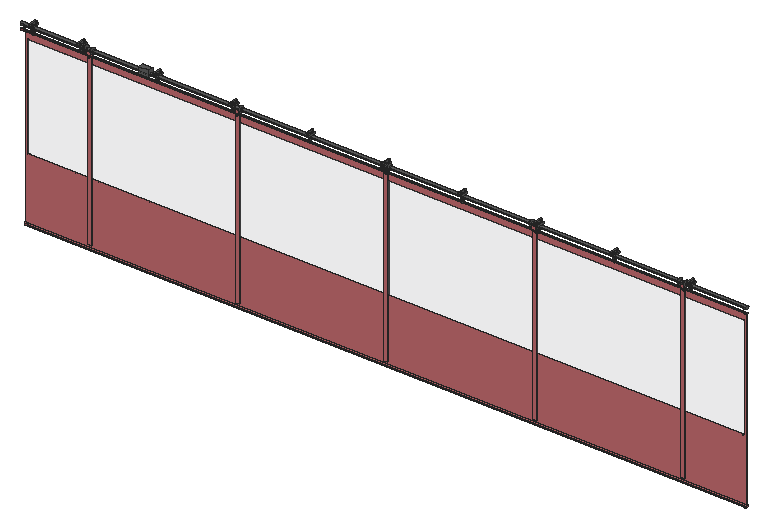
Revit family "Gymnasium-Eqpt_Divider-Curtain_IPIbybison_RollUp", category Specialty Equipment, Revit 2018
Family settings
  Round Connector Dimension = Use Diameter
  Part Type = Normal
  OmniClass Number = 23.40.50.34.17
  OmniClass Title = Gymnasium Dividers
  Always vertical = Yes
  Cut with Voids When Loaded = No
  Shared = No
  Room Calculation Point = No
Parameters (values of type "as Specified")
  solidvinylheight [instance] = if(Show not in use, 2' 0", Solid Vinyl Height)  # 8' - 0"
  rollercount [instance] = (Unit Length - (Roller Spacing from Edge * 2)) / Roller Spacing  # 5
  meshvis [instance] = not(Show not in use)  # yes
  clampcount [instance] = if(Number of Clamps < 2, 2, Number of Clamps)  # 9
  Warranty Duration (Years) = 0
  Unit Weight [instance] = 0
  Unit Length [instance] = 90' - 0"
  URL = "https://ipibybison.com/"
  Strap Length [instance] = if(Show not in use, 1' 8", Opening Height - 0' 2" - 0' 6")  # 22' - 4"
  Specification = ""
  SpecWizard = ""
  Solid Vinyl Height [instance] = 8' - 0"
  Show not in use [instance] = no
  Second Clamp Spacing [instance] = 6' - 0"
  Sales Information = "https://ipibybison.com/ArchitectsPage.php"
  Roller Spacing from Edge [instance] = 8' - 0"
  Roller Spacing [instance] = 14' - 0"
  Revision = "R1_2018-06"
  Product Properties = ""
  Product Data = "http://www.arcat.com/arcatcos/cos49/arc49571.html"
  Panel Material [instance] = Vinyl - Solid - IPI by Bison - Red
  Opening Height [instance] = 23' - 0"
  Number of Clamps [instance] = (Unit Length - (Clamp Inset from Edge * 2) - (Second Clamp Spacing * 2)) / Clamp Spacing + 1  # 9
  Motor RPM [instance] = 0
  Motor HP [instance] = 0
  Model = "IP880"
  Mesh Material [instance] = Vinyl - Mesh - IPI by Bison - Gray
  Maximum Size = "36' Height x 120' Length"
  Manufacturer Website = "https://ipibybison.com/"
  Manufacturer Phone - Toll Free = "800-637-7968"
  Manufacturer Phone = ""
  Manufacturer Fax = "800-638-0698"
  Manufacturer Address = "603 L St  Lincoln, NE 68508"
  Manufacturer = "IPI by Bison"
  Maintenance Schedule (Months) = 0
  Locate Motor [instance] = 15' - 0"
  Keynote = "11 66 53"
  Installation-Fabrication = ""
  Installation Phase = ""
  Height of Bottom of Curtain [instance] = if(Show not in use, Curtain Height - 2' 0", 0' 0")  # 0' - 0"
  Green Building-LEED = ""
  Frame Finish [instance] = Finish - IPI by Bison - Black
  Flange Width [instance] = 0' - 7"
  Expected Lifespan (Years) = 0
  Electrical_Voltage [instance] = 0 V
  Electrical_VA [instance] = 0 VA
  Electrical_Phase [instance] = 1
  Electrical_Number of Poles [instance] = 1
  Electrical_Amperage [instance] = 0 A
  Drawn By = "Sumex Design, Inc. / Robert S. Weygant, CSI, CDT, SCIP"
  Description = "IPI by Bison Motorized Roll Up Divider Curtain - IP880 as Specified"
  Curtain Height [instance] = Opening Height - 0' 2" - 0' 6 1/4"  # 22' - 3 3/4"
  Copyright = "©Arcat Inc."
  Construction Details = ""
  Clamp Spacing [instance] = 10' - 0"
  Clamp Inset from Edge [instance] = 1' - 0"
  Available Options = "as Specified"
Reference planes (in)
  plane 1 "Center (Front/Back)": y = 0
  plane 2: z = 0
  plane 3 "Center (Left/Right)": x = 0
  plane 4: z = 269.75
  plane 5: x = -540
  plane 6: x = 540
  plane 7: x = -546
  plane 8: x = -528
  plane 9: x = 528
  plane 10: z = 98
  plane 11: z = 2
  plane 12: x = -456
  plane 13: x = 456
  plane 14: x = -444
  plane 15: x = 444
  plane 16: x = 546
  plane 17: x = -360
Forms (in)
  Extrusion 1, solid, material "Finish - IPI by Bison - Black" <- "Frame Finish"
    sketch origin (0, 0, 0) x (0, 1, 0) y (0, 0, 1)
      loop
        circle (0, 269.75) r 2
      loop
        circle (0, 262.05122) r 0.8125
    from -546 to 540
  Extrusion 2, solid, material "Finish - IPI by Bison - Black" <- "Frame Finish"
    sketch origin (0, 0, 0) x (1, 0, 0) y (0, 0, 1)
      loop
        line (-353, 276) -> (-367, 276) -> (-367, 266) -> (-353, 266) -> (-353, 276)
    from -3.90461 to 3.54338
  Extrusion 3, solid, material "Vinyl - Solid - IPI by Bison - Red" <- "Panel Material", visible <- "meshvis"
    sketch origin (0, 0, 0) x (1, 0, 0) y (0, 0, 1)
      loop
        line (-540, 261.23872) -> (-540, 2) -> (540, 2) -> (540, 261.23872) -> (-540, 261.23872)
      loop
        line (536, 98) -> (536, 252.23872) -> (-536, 252.23872) -> (-536, 98) -> (536, 98)
    from 0.125 to -0.125
  Extrusion 4, solid, material "Vinyl - Mesh - IPI by Bison - Gray" <- "Mesh Material", visible <- "meshvis"
    sketch origin (0, 0, 0) x (1, 0, 0) y (0, 0, 1)
      loop
        line (536, 98) -> (536, 252.23872) -> (-536, 252.23872) -> (-536, 98) -> (536, 98)
    from 0.125 to -0.125
  Extrusion 5, solid, material "Vinyl - Solid - IPI by Bison - Red" <- "Panel Material", visible <- "meshvis"
    sketch origin (0, 0, 0) x (0, 1, 0) y (0, 0, 1)
      loop
        circle (0, 3.71604) r 1.75
    from -540 to 540
  Extrusion 6, solid, material "Vinyl - Solid - IPI by Bison - Red" <- "Panel Material", visible <- "Show not in use"
    sketch origin (0, 0, 0) x (0, 1, 0) y (0, 0, 1)
      loop
        arc (1.75, 254.46604) -> (1.27582, 255.66387) -> (0.11024, 256.21257) r 1.75
        line (0.11024, 256.21257) -> (0.11024, 259.74744) -> (-0.11784, 259.74744) -> (-0.11784, 256.21207)
        arc (-0.11784, 256.21207) -> (-1.27842, 255.66109) -> (-1.75, 254.46604) r 1.75
        arc (-1.75, 254.46604) -> (0, 252.71604) -> (1.75, 254.46604) r 1.75
    from -540 to 540
Dimensions and locks (in)
  locked: level to plane 4 at 6.25
  equal spacing: plane 6, plane 3 "Center (Left/Right)", plane 5
  "Unit Length": plane 6 to plane 5
  locked: plane 5 to plane 7 at 6
  "Clamp Inset from Edge": plane 8 to plane 5
  "Clamp Inset from Edge": plane 9 to plane 6
  locked: plane 11 to level at 2
  "Opening Height": level to level
  Extrusion 2 sketch curve to plane 4 to Extrusion 2 sketch curve = 0' - 6 1/4" locked, 0' - 3 3/4" locked
  "Second Clamp Spacing": plane 12 to plane 8
  "Second Clamp Spacing": plane 13 to plane 9
  equal spacing: group 1, group 3, group 4, group 5, group 6, group 7, group 8, group 9, group 2  (x3)
  "Roller Spacing from Edge": plane 15 to plane 6
  "Roller Spacing from Edge": plane 14 to plane 5
  equal spacing: group 10, group 12, group 13, group 14, group 11  (x3)
  locked: Extrusion 3 sketch curve to plane 5 at 4
  locked: Extrusion 3 sketch curve to plane 6 at 4
  plane 4 to Extrusion 3 sketch curve to Extrusion 3 sketch curve = 0' - 8.51128" locked, 0' - 9" locked
  locked: plane 6 to plane 16 at 6
  "Locate Motor": plane 17 to plane 5
  Extrusion 2 sketch curve to plane 17 to Extrusion 2 sketch curve = 0' - 7" locked, 0' - 7" locked
  locked: Extrusion 4 sketch curve to plane 5 at 4
  locked: plane 4 to Extrusion 4 sketch curve at 17.51128
  locked: Extrusion 4 sketch curve to plane 6 at 4
  locked: Extrusion 5 sketch curve to plane 11 at 1.71604
  plane 4 to Extrusion 6 sketch curve to Extrusion 6 sketch curve = 0' - 10.00256" locked, 0' - 5.2814" locked
  aligned and locked: level to plane 2
  aligned and locked: Extrusion 1 to plane 7
  aligned and locked: plane 6 to Extrusion 1
  aligned and locked: plane 8 to nested 1
  aligned and locked: plane 12 to nested 2
  aligned and locked: nested 3 to plane 13
  aligned and locked: nested 11 to plane 14
  aligned and locked: nested 12 to plane 15
  aligned and locked: plane 5 to Extrusion 3 sketch curve
  aligned and locked: plane 11 to Extrusion 3 sketch curve
  aligned and locked: plane 10 to Extrusion 4 sketch curve
  aligned and locked: Extrusion 5 to plane 6
  aligned and locked: Extrusion 5 to plane 5
  aligned and locked: plane 6 to Extrusion 6
  aligned and locked: Extrusion 6 to plane 5
Automatic sketch dimensions
  Extrusion 1 sketch curve to plane 1 "Center (Front/Back)" = 0' - 0"  (x2)
  Extrusion 1 sketch curve to plane 4 = 0' - 0"
  Extrusion 1 sketch curve to plane 4 = 0' - 7.69878"
  Extrusion 3 sketch curve to plane 10 = 0' - 0"
  plane 6 to Extrusion 3 sketch curve = 0' - 0"
  Extrusion 5 sketch curve to plane 1 "Center (Front/Back)" = 0' - 0"
  Extrusion 6 sketch curve to plane 1 "Center (Front/Back)" = 0' - 0"
  plane 1 "Center (Front/Back)" to Extrusion 6 sketch curve = 0' - 0.11784"
  Extrusion 6 sketch curve to Extrusion 6 sketch curve = 0' - 0.0005"
  Extrusion 6 sketch curve to Extrusion 6 sketch curve = 0' - 0"  (x2)
  Extrusion 6 sketch curve to plane 1 "Center (Front/Back)" = 0' - 0.11024"
  radius of Extrusion 1 sketch curve = 0' - 2"
  radius of Extrusion 1 sketch curve = 0' - 0 13/16"
  radius of Extrusion 5 sketch curve = 0' - 1 3/4"
Nested families (in)
  nested 1: "RollerClamp" at (-528, 0, 276), Flange Width <- "Flange Width", finish <- "Frame Finish", type "RollerClamp"
    with finish Finish - IPI by Bison - Black, Flange Width 0' - 7"
  nested 2: "RollerClamp" at (-456, 0, 276), Flange Width <- "Flange Width", finish <- "Frame Finish", type "RollerClamp"
    with finish Finish - IPI by Bison - Black, Flange Width 0' - 7"
  nested 3: "RollerClamp" at (456, 0, 276), Flange Width <- "Flange Width", finish <- "Frame Finish", type "RollerClamp"
    with finish Finish - IPI by Bison - Black, Flange Width 0' - 7"
  nested 4: "RollerClamp" at (-342, 0, 276), Flange Width <- "Flange Width", finish <- "Frame Finish", type "RollerClamp"
    with finish Finish - IPI by Bison - Black, Flange Width 0' - 7"
  nested 5: "RollerClamp" at (-228, 0, 276), Flange Width <- "Flange Width", finish <- "Frame Finish", type "RollerClamp"
    with finish Finish - IPI by Bison - Black, Flange Width 0' - 7"
  nested 6: "RollerClamp" at (-114, 0, 276), Flange Width <- "Flange Width", finish <- "Frame Finish", type "RollerClamp"
    with finish Finish - IPI by Bison - Black, Flange Width 0' - 7"
  nested 7: "RollerClamp" at (0, 0, 276), Flange Width <- "Flange Width", finish <- "Frame Finish", type "RollerClamp"
    with finish Finish - IPI by Bison - Black, Flange Width 0' - 7"
  nested 8: "RollerClamp" at (114, 0, 276), Flange Width <- "Flange Width", finish <- "Frame Finish", type "RollerClamp"
    with finish Finish - IPI by Bison - Black, Flange Width 0' - 7"
  nested 9: "RollerClamp" at (228, 0, 276), Flange Width <- "Flange Width", finish <- "Frame Finish", type "RollerClamp"
    with finish Finish - IPI by Bison - Black, Flange Width 0' - 7"
  nested 10: "RollerClamp" at (342, 0, 276), Flange Width <- "Flange Width", finish <- "Frame Finish", type "RollerClamp"
    with finish Finish - IPI by Bison - Black, Flange Width 0' - 7"
  nested 11: "RollerSection" at (-444, 0, 276), finish <- "Frame Finish", vinyl <- "Panel Material", Flange Width <- "Flange Width", curtain height <- "Strap Length", type "RollerSection"
    with vinyl Vinyl - Solid - IPI by Bison - Red, finish Finish - IPI by Bison - Black, curtain height 22' - 4", Flange Width 0' - 7"
  nested 12: "RollerSection" at (444, 0, 276), finish <- "Frame Finish", vinyl <- "Panel Material", Flange Width <- "Flange Width", curtain height <- "Strap Length", type "RollerSection"
    with vinyl Vinyl - Solid - IPI by Bison - Red, finish Finish - IPI by Bison - Black, curtain height 22' - 4", Flange Width 0' - 7"
  nested 13: "RollerSection" at (-222, 0, 276), finish <- "Frame Finish", vinyl <- "Panel Material", Flange Width <- "Flange Width", curtain height <- "Strap Length", type "RollerSection"
    with vinyl Vinyl - Solid - IPI by Bison - Red, finish Finish - IPI by Bison - Black, curtain height 22' - 4", Flange Width 0' - 7"
  nested 14: "RollerSection" at (0, 0, 276), finish <- "Frame Finish", vinyl <- "Panel Material", Flange Width <- "Flange Width", curtain height <- "Strap Length", type "RollerSection"
    with vinyl Vinyl - Solid - IPI by Bison - Red, finish Finish - IPI by Bison - Black, curtain height 22' - 4", Flange Width 0' - 7"
  nested 15: "RollerSection" at (222, 0, 276), finish <- "Frame Finish", vinyl <- "Panel Material", Flange Width <- "Flange Width", curtain height <- "Strap Length", type "RollerSection"
    with vinyl Vinyl - Solid - IPI by Bison - Red, finish Finish - IPI by Bison - Black, curtain height 22' - 4", Flange Width 0' - 7"
Connectors (in)
  electrical at (-360, 3.90461, 271), driven by "Electrical_Number of Poles", driven by "Electrical_Voltage", driven by "Electrical_VA"
    settings: on Extrusion 2, index 1, voltage 0 V, apparent load 0 VA, apparent load phase1 0 VA, apparent load phase2 0 VA, apparent load phase3 0 VA, power factor 1, load classification "Motor", number of poles 1, system type 31, power factor state 1, is connector primary yes, connector utility no, sub classification motor no, connector description ""
Definition of nested family "RollerClamp"
  Parameters (values of type "RollerClamp")
    finish [instance] = none
    Flange Width [instance] = 0' - 7.17426"
    Default Elevation = 4' - 0"
  Reference planes (in)
    plane 1 "Center (Front/Back)": y = 0
    plane 2: z = 0
    plane 3 "Center (Left/Right)": x = 0
    plane 4: x = -5.5
    plane 5: x = 5.5
    plane 6: y = -3.67426
    plane 7: y = 3.5
    plane 8: y = 6
    plane 9: y = -6.17426
    plane 10: z = -6.25
    plane 11: z = -7.79281
  Forms (in)
    Extrusion 1, solid, material <- "finish"
      sketch origin (0, 0, 0) x (1, 0, 0) y (0, 0, 1)
        loop
          line (0, 0.5) -> (-2, 0.5) -> (-2, -0.1875) -> (-0.1875, -0.1875) -> (-0.1875, -2) -> (0, -2) -> (0, 0.5)
        loop
          line (2.5, -2.75) -> (0.5, -2.75) -> (0.5, -3) -> (2.25, -3) -> (2.25, -4.75) -> (2.5, -4.75) -> (2.5, -2.75)
        loop
          line (2.5, -9.79281) -> (2.5, -7.79281) -> (2.25, -7.79281) -> (2.25, -9.54281) -> (0.5, -9.54281) -> (0.5, -9.79281) -> (2.5, -9.79281)
      from -6 to 6.17426
    Extrusion 2, solid, material <- "finish"
      sketch origin (0, -6.17426, -0.80189) x (0, 0, -1) y (-1, 0, 0)
        loop
          line (-0.80189, 0) -> (-0.80189, -0.25) -> (0.94811, -0.25) -> (0.94811, -2) -> (1.19811, -2) -> (1.19811, 0) -> (-0.80189, 0)
      from 1.15098 to 3.18599
    Extrusion 3, solid, material <- "finish"
      sketch origin (0, 6, -0.80189) x (0, 0, -1) y (1, 0, 0)
        loop
          line (-0.80189, 0) -> (1.19811, 0) -> (1.19811, 2) -> (0.94811, 2) -> (0.94811, 0.25) -> (-0.80189, 0.25) -> (-0.80189, 0)
      from 0.92208 to 3.04069
    Revolve 4, solid, material <- "finish"
      sketch origin (1, 0, 0) x (0, 1, 0) y (0, 0, 1)
        loop
          line (-4.00957, -0.95793) -> (-4.25957, -0.95793) -> (-4.25957, -10.75215) -> (-4.00957, -10.75215) -> (-4.00957, -0.95793)
        axis (-4.00957, -10.75215) -> (-4.00957, -0.95793)
      angle from 0 to 360
    Revolve 5, solid, material <- "finish"
      sketch origin (1, 0.0625, 0) x (0, -1, 0) y (0, 0, 1)
        loop
          line (-4.00957, -0.95793) -> (-4.25957, -0.95793) -> (-4.25957, -10.75215) -> (-4.00957, -10.75215) -> (-4.00957, -0.95793)
        axis (-4.00957, -10.75215) -> (-4.00957, -0.95793)
      angle from 0 to 360
    Extrusion 6, solid, material <- "finish"
      sketch origin (0, 0, 0) x (0, 1, 0) y (0, 0, 1)
        loop
          circle (-1.23573, -8.26301) r 1
        loop
          circle (1.23573, -8.26301) r 1
      from 1.44286 to 2.14927
    Extrusion 7, solid, material <- "finish"
      sketch origin (0, 0, 0) x (0, 1, 0) y (0, 0, 1)
        loop
          arc (-1.04092, -13.68526) -> (0.00978, -15.09243) -> (1.06048, -13.68526) r 1.09585
          line (1.06048, -13.68526) -> (0.48918, -11.75711)
          arc (0.48918, -11.75711) -> (0.00978, -11.39916) -> (-0.46962, -11.75711) r 0.5
          line (-0.46962, -11.75711) -> (-1.04092, -13.68526)
        loop
          arc (-0.80122, -13.75628) -> (0.00978, -14.84243) -> (0.82078, -13.75628) r 0.84585
          line (0.82078, -13.75628) -> (0.24948, -11.82813)
          arc (0.24948, -11.82813) -> (0.00978, -11.64916) -> (-0.22992, -11.82813) r 0.25
          line (-0.22992, -11.82813) -> (-0.80122, -13.75628)
      from 0.18605 to 0.38374
    Extrusion 8, solid, material <- "finish"
      sketch origin (0, 0, 0) x (1, 0, 0) y (0, 0, 1)
        loop
          arc (0.82001, -11.32006) -> (0.32001, -11.82006) -> (-0.17999, -11.32006) r 0.5
          line (-0.17999, -11.32006) -> (-0.67999, -11.32006)
          arc (-0.67999, -11.32006) -> (0.32001, -12.32006) -> (1.32001, -11.32006) r 1
          line (1.32001, -11.32006) -> (1.32001, -9.30691) -> (0.82001, -9.30691) -> (0.82001, -11.32006)
      from -0.29844 to 0.23293
  Dimensions and locks (in)
    plane 5 to plane 3 "Center (Left/Right)" to plane 4 = 0' - 5 1/2", 0' - 5 1/2"
    "Flange Width": plane 6 to plane 7
    locked: plane 7 to plane 8 at 2.5
    locked: plane 9 to plane 6 at 2.5
    level to plane 10 = 0' - 6 1/4"
    aligned and locked: plane 2 to level
    aligned and locked: Extrusion 1 to plane 8
    aligned and locked: Extrusion 1 to plane 9
  Automatic sketch dimensions
    Extrusion 1 sketch curve to plane 3 "Center (Left/Right)" = 0' - 0"
    plane 3 "Center (Left/Right)" to Extrusion 1 sketch curve = 0' - 0 1/2"  (x2)
    Extrusion 1 sketch curve to plane 11 = 0' - 0"
    Extrusion 1 sketch curve to plane 3 "Center (Left/Right)" = 0' - 0 3/16"
    Extrusion 1 sketch curve to level = 0' - 0 3/16"
    Extrusion 1 sketch curve to Extrusion 1 sketch curve = 0' - 1 13/16"
    plane 3 "Center (Left/Right)" to Extrusion 1 sketch curve = 0' - 2 1/4"  (x2)
    Extrusion 1 sketch curve to Extrusion 1 sketch curve = 0' - 0 1/4"  (x4)
    plane 11 to Extrusion 1 sketch curve = 0' - 1 3/4"
    plane 10 to Extrusion 1 sketch curve = 0' - 1 1/2"
    Extrusion 1 sketch curve to Extrusion 1 sketch curve = 0' - 1 3/4"
    Extrusion 1 sketch curve to Extrusion 1 sketch curve = 0' - 0 3/4"
    level to Extrusion 1 sketch curve = 0' - 0 1/2"
    Extrusion 2 sketch curve to level = 0' - 0"
    Extrusion 2 sketch curve to plane 3 "Center (Left/Right)" = 0' - 0"
    level to Extrusion 2 sketch curve = 0' - 1 3/4"
    Extrusion 2 sketch curve to Extrusion 2 sketch curve = 0' - 0 1/4"  (x2)
    Extrusion 2 sketch curve to Extrusion 2 sketch curve = 0' - 1 3/4"
    Extrusion 3 sketch curve to level = 0' - 0"
    Extrusion 3 sketch curve to plane 3 "Center (Left/Right)" = 0' - 0"
    Extrusion 3 sketch curve to level = 0' - 1 3/4"
    Extrusion 3 sketch curve to Extrusion 3 sketch curve = 0' - 0 1/4"  (x2)
    Extrusion 3 sketch curve to Extrusion 3 sketch curve = 0' - 1 3/4"
    plane 6 to Revolve 4 sketch curve = 0' - 0.58531"
    Revolve 4 sketch curve to Revolve 4 sketch curve = 0' - 0 1/4"
    plane 11 to Revolve 4 sketch curve = 0' - 2.95934"
    Revolve 4 sketch curve to level = 0' - 0.95793"
    Revolve 4 sketch curve to Revolve 4 sketch curve = 0' - 0"  (x2)
    Revolve 4 sketch curve to Revolve 4 sketch curve = 0' - 0.29422"
    plane 7 to Revolve 5 sketch curve = 0' - 0.82207"
    Revolve 5 sketch curve to Revolve 5 sketch curve = 0' - 0 1/4"
    Revolve 5 sketch curve to plane 11 = 0' - 2.95934"
    level to Revolve 5 sketch curve = 0' - 0.95793"
    Revolve 5 sketch curve to Revolve 5 sketch curve = 0' - 0"  (x2)
    Revolve 5 sketch curve to Revolve 5 sketch curve = 0' - 0.29422"
    plane 11 to Extrusion 6 sketch curve = 0' - 0.4702"  (x2)
    plane 1 "Center (Front/Back)" to Extrusion 6 sketch curve = 0' - 1.23573"
    Extrusion 6 sketch curve to plane 1 "Center (Front/Back)" = 0' - 1.23573"
    plane 1 "Center (Front/Back)" to Extrusion 7 sketch curve = 0' - 1.04092"
    plane 1 "Center (Front/Back)" to Extrusion 7 sketch curve = 0' - 0.46962"
    Extrusion 7 sketch curve to plane 1 "Center (Front/Back)" = 0' - 0.00978"  (x2)
    Extrusion 7 sketch curve to plane 1 "Center (Front/Back)" = 0' - 0.48918"
    Extrusion 7 sketch curve to plane 1 "Center (Front/Back)" = 0' - 1.06048"
    plane 11 to Extrusion 7 sketch curve = 0' - 6.20376"
    Extrusion 7 sketch curve to Extrusion 7 sketch curve = 0' - 0.31132"
    Extrusion 7 sketch curve to Extrusion 7 sketch curve = 0' - 1.7861"
    Extrusion 7 sketch curve to Extrusion 7 sketch curve = 0' - 0.14204"
    Extrusion 7 sketch curve to Extrusion 7 sketch curve = 0' - 0"  (x4)
    Extrusion 7 sketch curve to Extrusion 7 sketch curve = 0' - 0.2397"  (x2)
    plane 1 "Center (Front/Back)" to Extrusion 7 sketch curve = 0' - 0.22992"
    Extrusion 7 sketch curve to plane 1 "Center (Front/Back)" = 0' - 0.24948"
    Extrusion 7 sketch curve to Extrusion 7 sketch curve = 0' - 0.07102"  (x2)
    Extrusion 8 sketch curve to Extrusion 8 sketch curve = 0' - 0"
    Extrusion 8 sketch curve to plane 3 "Center (Left/Right)" = 0' - 0.67999"
    plane 3 "Center (Left/Right)" to Extrusion 8 sketch curve = 0' - 0.32001"
    Extrusion 8 sketch curve to Extrusion 8 sketch curve = 0' - 0 1/2"
    plane 11 to Extrusion 8 sketch curve = 0' - 3.52725"
    Extrusion 8 sketch curve to Extrusion 8 sketch curve = 0' - 2.01316"
    radius of Extrusion 6 sketch curve = 0' - 1"  (x2)
Definition of nested family "RollerSection"
  Parameters (values of type "RollerSection")
    vinyl [instance] = none
    finish [instance] = none
    curtain height [instance] = 5' - 3.79281"
    Flange Width [instance] = 0' - 7.17426"
    Default Elevation = 4' - 0"
  Reference planes (in)
    plane 1 "Center (Front/Back)": y = 0
    plane 2: z = 0
    plane 3 "Center (Left/Right)": x = 0
    plane 4: x = -4.75
    plane 5: x = 4.75
    plane 6: y = -3.67426
    plane 7: y = 3.5
    plane 8: y = 6
    plane 9: y = -6.17426
    plane 10: z = -6.25
    plane 11: z = -7.79281
    plane 12: z = -63.79281
  Forms (in)
    Extrusion 1, solid, material <- "finish"
      sketch origin (0, 0, 0) x (0, 1, 0) y (0, 0, 1)
        loop
          circle (0, -6.25) r 4
      from -4.75 to -4.40305
    Extrusion 2, solid, material <- "finish"
      sketch origin (0, 0, 0) x (0, 1, 0) y (0, 0, 1)
        loop
          circle (0, -6.25) r 2.25
      from -6.92857 to 6.97986
    Extrusion 3, solid, material <- "finish"
      sketch origin (0, 0, 0) x (0, 1, 0) y (0, 0, -1)
        loop
          circle (0, 6.25) r 4
      from -4.75 to -4.40305
    Extrusion 4, solid, material <- "vinyl"
      sketch origin (0, 0, 0) x (0, 1, 0) y (0, 0, 1)
        loop
          line (-1.5, -6.25) -> (-1.62548, -6.25) -> (-0.91703, -14.34764) -> (-0.24284, -16.25256) -> (0.24284, -16.25256) -> (0.91703, -14.34764) -> (1.62548, -6.25) -> (1.5, -6.25) -> (0.79389, -14.32091) -> (0.125, -16.21085) -> (-0.125, -16.21085) -> (-0.79389, -14.32091) -> (-1.5, -6.25)
      from 3 to -3
    Extrusion 5, solid, material <- "vinyl"
      sketch origin (0, 0, 0) x (0, 1, 0) y (0, 0, 1)
        loop
          line (-0.24284, -16.25256) -> (-0.24284, -63.79281) -> (-0.11784, -63.79281) -> (-0.11784, -16.25256) -> (-0.24284, -16.25256)
        loop
          line (0.24284, -16.25256) -> (0.11784, -16.25256) -> (0.11784, -63.79281) -> (0.24284, -63.79281) -> (0.24284, -16.25256)
      from 3 to -3
  Dimensions and locks (in)
    plane 5 to plane 3 "Center (Left/Right)" to plane 4 = 0' - 4 3/4", 0' - 4 3/4"
    "Flange Width": plane 6 to plane 7
    locked: plane 7 to plane 8 at 2.5
    locked: plane 9 to plane 6 at 2.5
    level to plane 10 = 0' - 6 1/4"
    "curtain height": level to plane 12
    aligned and locked: plane 2 to level
    aligned and locked: plane 12 to Extrusion 5 sketch curve
    aligned and locked: Extrusion 5 sketch curve to plane 12
  Automatic sketch dimensions
    Extrusion 1 sketch curve to plane 1 "Center (Front/Back)" = 0' - 0"
    Extrusion 1 sketch curve to plane 10 = 0' - 0"
    Extrusion 2 sketch curve to plane 1 "Center (Front/Back)" = 0' - 0"
    Extrusion 2 sketch curve to plane 10 = 0' - 0"
    Extrusion 3 sketch curve to plane 1 "Center (Front/Back)" = 0' - 0"
    Extrusion 3 sketch curve to plane 10 = 0' - 0"
    Extrusion 4 sketch curve to plane 10 = 0' - 0"  (x2)
    plane 1 "Center (Front/Back)" to Extrusion 4 sketch curve = 0' - 1.62548"
    Extrusion 4 sketch curve to Extrusion 4 sketch curve = 0' - 0.12548"  (x2)
    plane 1 "Center (Front/Back)" to Extrusion 4 sketch curve = 0' - 0.91703"
    Extrusion 4 sketch curve to Extrusion 4 sketch curve = 0' - 0.12314"  (x2)
    plane 1 "Center (Front/Back)" to Extrusion 4 sketch curve = 0' - 0 1/8"
    Extrusion 4 sketch curve to plane 1 "Center (Front/Back)" = 0' - 0 1/8"
    Extrusion 4 sketch curve to plane 1 "Center (Front/Back)" = 0' - 0.79389"
    Extrusion 4 sketch curve to plane 1 "Center (Front/Back)" = 0' - 1 1/2"
    plane 11 to Extrusion 4 sketch curve = 0' - 6.5281"
    Extrusion 4 sketch curve to Extrusion 4 sketch curve = 0' - 0"
    Extrusion 4 sketch curve to Extrusion 4 sketch curve = 0' - 0.02672"  (x2)
    Extrusion 4 sketch curve to Extrusion 4 sketch curve = 0' - 1.88994"
    Extrusion 4 sketch curve to Extrusion 4 sketch curve = 0' - 0.11784"  (x2)
    Extrusion 4 sketch curve to Extrusion 4 sketch curve = 0' - 0.04171"
    plane 1 "Center (Front/Back)" to Extrusion 5 sketch curve = 0' - 0.24284"
    plane 1 "Center (Front/Back)" to Extrusion 5 sketch curve = 0' - 0.11784"
    Extrusion 5 sketch curve to plane 1 "Center (Front/Back)" = 0' - 0.11784"
    Extrusion 5 sketch curve to Extrusion 5 sketch curve = 0' - 0 1/8"
    plane 11 to Extrusion 5 sketch curve = 0' - 8.45974"
    Extrusion 5 sketch curve to Extrusion 5 sketch curve = 0' - 0"
    radius of Extrusion 1 sketch curve = 0' - 4"
    radius of Extrusion 2 sketch curve = 0' - 2 1/4"
    radius of Extrusion 3 sketch curve = 0' - 4"
